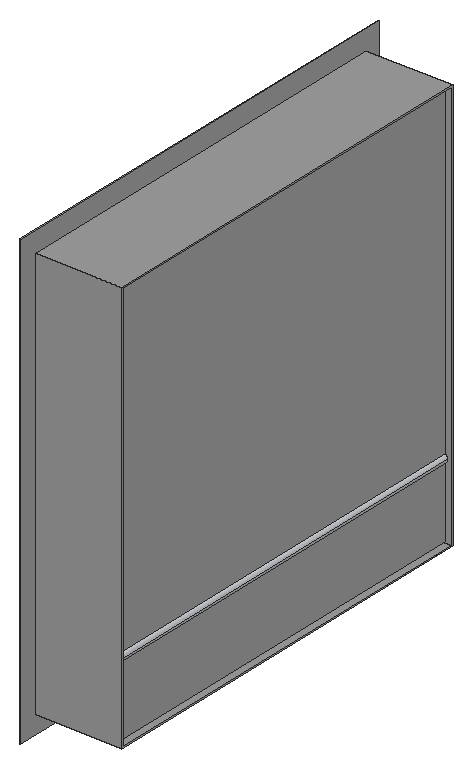
Revit family "BIMLIB_ДымовойСтеновойКлапан_SHSD_Прямоугольный_SHUFT", category Арматура воздуховодов, Revit 2017
Family settings
  Размер круглого соединителя = Использовать диаметр
  Тип детали = Вставляется
  На основе рабочей плоскости = Нет
  Всегда вертикально = Да
  При загрузке вырезать с полостями = Нет
  Общий = Нет
Parameters (values of type "EI120, привод МВE")
  Тип УГО2 [instance] = if(Перевернуть УГО, 1 = 1, 1 = 0)  # no
  Тип УГО1 [instance] = not(Тип УГО2)  # yes
  Таблица = "SHSD-120-MBE"
  Створка открыта [instance] = no
  Смещение центра = 20 mm  # constant formula
  Площадь проходного сечения клапана [instance] = size_lookup(Таблица, "Площадь проходного сечения клапана", -1.000000 m², A, B, 1 mm)  # 0.550000 m²
  Плотность воздуха = 0.6100 kg/m³  # constant formula
  Перевернуть УГО [instance] = no
  Ошибка [instance] = if(size_lookup(Таблица, "Наименование", 0 mm, A, B) / 1 mm = 1, 1 = 0, 1 = 1)  # no
  Описание = "Предназначены для установки в стену, представляют собой прямоугольный корпус с минимальной длиной 180 мм с фланцем с одной стороны, внутри которого распологается привод"  # constant formula
  Напряжение привода 24 В [instance] = yes
  Напряжение привода 230 В [instance] = not(Напряжение привода 24 В)  # no
  Колодка [instance] = if(Клеменная колодка, 1, 0)  # 1
  Клеменная колодка [instance] = yes
  Изготовитель = "ООО «Завод ВКО» марка SHUFT"  # constant formula
  Watermark [instance] = "Модели защищены уникальным кодом"
  URL = "http://www.shuft.ru/"
  L = 170 mm  # constant formula
  BM_Скорость [instance] = 0.0 m/s
  BM_Климатическое исполнение = "УХЛ4"  # constant formula
  BM_КМС_2 [instance] = 0
  BM_КМС_1 [instance] = 0
  BL_Разработано = "support@bimlib.pro"  # constant formula
  BL_Email = "bimmodels@rusklimat.ru"
  BL_BIM library = "https://bimlib.pro/manufacturer/rusklimat/2296/"
  B [instance] = 800 mm
  ADSK_Расход воздуха [instance] = 0.0 L/s
  ADSK_Примечание [instance] = ""
  ADSK_Предел огнестойкости = "EI120"  # constant formula
  ADSK_Потеря давления воздуха [instance] = (BM_КМС_1 + BM_КМС_2) * ((BM_Скорость * BM_Скорость) / (2 * Плотность воздуха)) * 1.00 kg * 1.00 kg / 1.00 m³ / 1.00 m³  # 0.0 Pa
  ADSK_Позиция [instance] = ""
  ADSK_Обозначение = "ТУ 4854-032-21059055-2014"  # constant formula
  ADSK_Напряжение [instance] = if(Напряжение привода 24 В, 24 V, 230 V)  # 24 V
  ADSK_Наименование краткое [instance] = ADSK_Марка  # "SHSD(120)-MBE(24)-800х800-к"
  ADSK_Наименование [instance] = size_lookup(Таблица, "", "Нет такого размера в каталоге", A, B, 1 mm, ADSK_Напряжение, Колодка)  # "Прямоугольный дымовой нормально-закрытый клапан стенового  типа SHUFT SHSD 800х800 мм, с пределом огнестойкости EI 120, с  электромеханическим реверсивным приводом МВE 24 В, с клеменной колодкой"
  ADSK_Материал = BIMLIB_Сталь_SHUFT
  ADSK_Масса_Текст = ""
  ADSK_Масса [instance] = A * B * 103 / 1000 mm / 1000 mm  # 65.92
  ADSK_Марка [instance] = size_lookup(Таблица, "", "Нет такого размера в каталоге", A, B, 2 mm, ADSK_Напряжение, Колодка)  # "SHSD(120)-MBE(24)-800х800-к"
  ADSK_Код изделия [instance] = size_lookup(Таблица, "", "Нет такого размера в каталоге", A, B, 2 mm, ADSK_Напряжение, Колодка)  # "SHSD(120)-MBE(24)-800х800-к"
  ADSK_Классификация нагрузок = HVAC
  ADSK_Завод-изготовитель = Изготовитель  # "ООО «Завод ВКО» марка SHUFT"
  ADSK_Единица измерения = "шт."  # constant formula
  ADSK_Версия Revit = "2017"  # constant formula
  ADSK_URL страницы изделия = "http://www.shuft.ru/"
  ADSK_URL документации изделия = "http://www.shuft.ru/"
  A [instance] = 800 mm
Types (3, lengths in mm): name | Таблица | Площадь проходного сечения клапана | B | ADSK_Наименование краткое | ADSK_Наименование | ADSK_Масса | ADSK_Марка | ADSK_Код изделия | A
  EI120, привод МВE | "SHSD-120-MBE" | 0.550000 m² | 800 | "SHSD(120)-MBE(24)-800х800-к" | "Прямоугольный дымовой нормально-закрытый клапан стенового  типа SHUFT SHSD 800х800 мм, с пределом огнестойкости EI 120, с  электромеханическим реверсивным приводом МВE 24 В, с клеменной колодкой" | 65.92 | "SHSD(120)-MBE(24)-800х800-к" | "SHSD(120)-MBE(24)-800х800-к" | 800
  EI120, привод R | "SHSD-120-R" | 0.290000 m² | 600 | "SHSD(120)-MBE(24)-600х600-к" | "Прямоугольный дымовой нормально-закрытый клапан стенового  типа SHUFT SHSD 600х600 мм, с пределом огнестойкости EI 120, с электромеханическим реверсивным приводом R 24 В, с клеменной колодкой" | 37.08 | "SHSD(120)-MBE(24)-600х600-к" | "SHSD(120)-MBE(24)-600х600-к" | 600
  EI120, привод EM | "SHSD-120-EM" | 0.290000 m² | 600 | "SHSD(120)-EM(24)-600х600-к" | "Прямоугольный дымовой нормально-закрытый клапан стенового  типа SHUFT SHSD 600х600 мм, с пределом огнестойкости EI 120, с электромагнитным приводом приводом EM 24 В, с клеменной колодкой" | 37.08 | "SHSD(120)-EM(24)-600х600-к" | "SHSD(120)-EM(24)-600х600-к" | 600
Reference planes
  plane 1 "По центру (Вперед/Назад)": y = 0
  plane 2: z = 0
  plane 3 "По центру (Влево/Вправо)": x = 0
  plane 4: x = 170
  plane 5: x = 85
  plane 6: x = 150
  plane 7: y = 400
  plane 8: y = -400
  plane 9: z = 400
  plane 10: z = -400
  plane 11: y = 435
  plane 12: y = -435
  plane 13: z = -440
  plane 14: z = 440
  plane 15: y = 402
  plane 16: y = -402
  plane 17: x = -2
  plane 18: z = -402
  plane 19 "Верх": z = 402
  plane 20 "Привод": z = -250
Forms (mm)
  Revolve 1, solid, material "BIMLIB_ОшибкаКрасный_SHUFT", visible <- "Ошибка", detail levels medium+fine
    sketch origin (0, 0, 0) x (1, 0, 0) y (0, 1, 0)
      loop
        arc (85, 750) -> (-665, 0) -> (85, -750) r 750
        line (85, -750) -> (85, 750)
      axis (85, 750) -> (85, -750)
    angle from 0 to 360
  Extrusion 2, solid, material "BIMLIB_Сталь_SHUFT" <- "ADSK_Материал", detail levels medium+fine
    sketch origin (0, 0, 0) x (0, 1, 0) y (0, 0, 1)
      loop
        line (-400, 400) -> (-400, -400) -> (400, -400) -> (400, 400) -> (-400, 400)
      loop
        line (-402, 402) -> (-402, -402) -> (402, -402) -> (402, 402) -> (-402, 402)
    from 0 to 170
  Extrusion 3, solid, material "BIMLIB_Сталь_SHUFT" <- "ADSK_Материал", detail levels fine
    sketch origin (0, 0, 0) x (0, 1, 0) y (0, 0, 1)
      loop
        line (435, -440) -> (435, 440) -> (-435, 440) -> (-435, -440) -> (435, -440)
      loop
        line (400, -400) -> (400, 400) -> (-400, 400) -> (-400, -400) -> (400, -400)
    from 0 to -2
Dimensions and locks
  equal spacing: plane 3 "По центру (Влево/Вправо)", plane 5, plane 4
  "L": plane 3 "По центру (Влево/Вправо)" to plane 4
  equal spacing: plane 8, plane 1 "По центру (Вперед/Назад)", plane 7
  "A": plane 8 to plane 7
  equal spacing: plane 9, level, plane 10
  "B": plane 9 to plane 10
  locked: plane 8 to plane 12 at 35
  locked: plane 7 to plane 11 at 35
  locked: plane 14 to plane 9 at 40
  locked: plane 10 to plane 13 at 40
  locked: plane 7 to plane 15 at 2
  locked: plane 8 to plane 16 at 2
  plane 17 to plane 3 "По центру (Влево/Вправо)" = 2 mm
  locked: plane 10 to plane 18 at 2
  locked: plane 19 "Верх" to plane 9 at 2
  locked: plane 17 to plane 3 "По центру (Влево/Вправо)" at 2
  locked: plane 20 "Привод" to plane 10 at 150
  "Смещение центра": plane 6 to plane 4
  aligned and locked: level to plane 2
  aligned and locked: Revolve 1 sketch curve to plane 5
  aligned and locked: Extrusion 2 sketch curve to plane 9
  aligned and locked: Extrusion 2 sketch curve to plane 8
  aligned and locked: Extrusion 2 sketch curve to plane 16
  aligned and locked: Extrusion 2 sketch curve to plane 19 "Верх"
  aligned and locked: Extrusion 2 sketch curve to plane 7
  aligned and locked: Extrusion 2 sketch curve to plane 10
  aligned and locked: Extrusion 2 sketch curve to plane 18
  aligned and locked: Extrusion 2 sketch curve to plane 15
  aligned and locked: Extrusion 2 to plane 4
  aligned and locked: Extrusion 3 sketch curve to plane 13
  aligned and locked: Extrusion 3 sketch curve to plane 12
  aligned and locked: Extrusion 3 sketch curve to plane 10
  aligned and locked: Extrusion 3 sketch curve to plane 8
  aligned and locked: Extrusion 3 sketch curve to plane 9
  aligned and locked: Extrusion 3 sketch curve to plane 7
  aligned and locked: Extrusion 3 sketch curve to plane 14
  aligned and locked: Extrusion 3 sketch curve to plane 11
  aligned and locked: plane 17 to Extrusion 3
  aligned and locked: plane 1 "По центру (Вперед/Назад)" to nested 1
  aligned and locked: plane 6 to nested 1
  aligned and locked: plane 1 "По центру (Вперед/Назад)" to nested 3
  aligned and locked: plane 5 to nested 3
  aligned and locked: plane 5 to nested 4
  aligned and locked: plane 1 "По центру (Вперед/Назад)" to nested 4
  aligned and locked: nested 5 to plane 5
  aligned and locked: plane 1 "По центру (Вперед/Назад)" to nested 5
  aligned and locked: nested 5 to plane 2
  aligned and locked: plane 6 to nested 2
  aligned and locked: nested 2 to plane 8
Automatic sketch dimensions
  Revolve 1 sketch curve to plane 1 "По центру (Вперед/Назад)" = 993.019 mm
  plane 1 "По центру (Вперед/Назад)" to Revolve 1 sketch curve = 0 mm
  Revolve 1 sketch curve to plane 5 = 0 mm
  Revolve 1 sketch curve to Revolve 1 sketch curve = 566.634 mm
  radius of Revolve 1 sketch curve = 750 mm
Nested families
  nested 1: "BIMLIB_Кассета_SHUFT" at (155, 0, 0), Материал <- "ADSK_Материал", Высота <- "B", Ширина <- "A", Открыт <- "Створка открыта", type "BIMLIB_Привод_SHUFT"
    with Ширина 800 mm, Открыт no, Материал BIMLIB_Сталь_SHUFT, Закрыт yes, Высота 800 mm
  nested 2: "BIMLIB_Привод_SHUFT" at (150, -400, -126.974), type "BIMLIB_Привод_SHUFT", detail levels fine
  nested 3: "BIMLIB_УГО_3D_SHUFT" at (85, 0, 0), L <- "L", b <- "A", visible <- "Тип УГО1", type "BIMLIB_УГО_3D_SHUFT", detail levels coarse
    with Материал_УГО BIMLIB_УГО_Черный_SHUFT, b 800 mm, L 170 mm
  nested 4: "BIMLIB_УГО_ЭлементУзла_SHUFT" at (85, 0, 0), L <- "L", B <- "A", A <- "A", type "BIMLIB_УГО_ЭлементУзла_SHUFT", detail levels coarse
    with L 170 mm, B 800 mm, A 800 mm
  nested 5: "BIMLIB_УГО_3D_SHUFT" at (85, 0.5, 0) x (1, 0, 0) z (0, -1, 0), L <- "L", b <- "B", visible <- "Тип УГО2", type "BIMLIB_УГО_3D_SHUFT", detail levels coarse
    with Материал_УГО BIMLIB_УГО_Черный_SHUFT, b 800 mm, L 170 mm
Connectors
  electrical at (85, -402, 0), driven by "ADSK_Классификация нагрузок", driven by "ADSK_Напряжение"
    settings: on Extrusion 2, index 1, voltage 24 V, apparent load 0 VA, apparent load phase1 0 VA, apparent load phase2 0 VA, apparent load phase3 0 VA, power factor 1, load classification "HVAC", number of poles 1, system type 30, power factor state 1, is connector primary yes, connector utility no, sub classification motor no, connector description ""
Definition of nested family "BIMLIB_Кассета_SHUFT"
  Parameters (values of type "BIMLIB_Привод_BalluMachine")
    Ширина [instance] = 671.683 mm
    Толщина = 10 mm
    Открыт [instance] = yes
    Материал [instance] = none
    Закрыт [instance] = not(Открыт)  # no
    Высота [instance] = 361.34 mm
  Reference planes
    plane 1 "По центру (Вперед/Назад)": y = 0
    plane 2: z = 0
    plane 3 "По центру (Влево/Вправо)": x = 0
    plane 4: x = -5
    plane 5: x = 5
    plane 6: y = 335.841
    plane 7: y = -335.841
    plane 8: y = 330.841
    plane 9: y = -330.841
    plane 10: z = 180.67
    plane 11: z = -180.67
    plane 12: z = 175.67
    plane 13: z = -175.67
    plane 14: x = -150
    plane 15: x = 211.34
    plane 16: x = -145
    plane 17: x = 206.34
    plane 18: z = -30.67
    plane 19: z = -35.67
    plane 20: z = -25.67
  Forms (mm)
    Extrusion 1, solid, material <- "Материал", visible <- "Закрыт", detail levels medium+fine
      sketch origin (0, 0, 0) x (1, 0, 0) y (0, 1, 0)
        loop
          line (5, 330.841) -> (-5, 330.841) -> (-5, -330.841) -> (5, -330.841) -> (5, 330.841)
      from -175.67 to 175.67
    Extrusion 2, solid, detail levels medium+fine
      sketch origin (0, 0, 0) x (1, 0, 0) y (0, 0, 1)
        loop
          circle (0, -30.67) r 10
      from -330.841 to 330.841
    Extrusion 3, solid, material <- "Материал", visible <- "Открыт", detail levels medium+fine
      sketch origin (0, 0, 0) x (1, 0, 0) y (0, 0, 1)
        loop
          line (206.34, -35.67) -> (206.34, -25.67) -> (-145, -25.67) -> (-145, -35.67) -> (206.34, -35.67)
      from -330.841 to 330.841
  Dimensions and locks
    equal spacing: plane 4, plane 3 "По центру (Влево/Вправо)", plane 5
    "Толщина": plane 4 to plane 5
    equal spacing: plane 6, plane 1 "По центру (Вперед/Назад)", plane 7
    "Ширина": plane 6 to plane 7
    locked: plane 7 to plane 9 at 5
    locked: plane 6 to plane 8 at 5
    equal spacing: plane 10, level, plane 11
    "Высота": plane 10 to plane 11
    locked: plane 13 to plane 11 at 5
    locked: plane 10 to plane 12 at 5
    "Высота": plane 14 to plane 15
    locked: plane 17 to plane 15 at 5
    locked: plane 14 to plane 16 at 5
    locked: plane 18 to plane 11 at 150
    locked: plane 14 to plane 3 "По центру (Влево/Вправо)" at 150
    equal spacing: plane 20, plane 18, plane 19
    "Толщина": plane 20 to plane 19
    aligned and locked: level to plane 2
    aligned and locked: Extrusion 1 sketch curve to plane 5
    aligned and locked: Extrusion 1 sketch curve to plane 4
    aligned and locked: Extrusion 1 sketch curve to plane 8
    aligned and locked: Extrusion 1 sketch curve to plane 9
    aligned and locked: plane 13 to Extrusion 1
    aligned and locked: plane 12 to Extrusion 1
    aligned and locked: plane 8 to Extrusion 2
    aligned and locked: plane 9 to Extrusion 2
    aligned and locked: Extrusion 3 sketch curve to plane 19
    aligned and locked: Extrusion 3 sketch curve to plane 20
    aligned and locked: Extrusion 3 sketch curve to plane 16
    aligned and locked: Extrusion 3 sketch curve to plane 17
    aligned and locked: plane 8 to Extrusion 3
    aligned and locked: plane 9 to Extrusion 3
  Automatic sketch dimensions
    Extrusion 2 sketch curve to plane 3 "По центру (Влево/Вправо)" = 0 mm
    Extrusion 2 sketch curve to plane 18 = 0 mm
    radius of Extrusion 2 sketch curve = 10 mm
Definition of nested family "BIMLIB_Привод_SHUFT"
  Parameters (values of type "BIMLIB_Привод_BalluMachine")
    Default Elevation = 1219.2 mm
  Reference planes
    plane 1 "По центру (Вперед/Назад)": y = 0
    plane 2: z = 0
    plane 3 "По центру (Влево/Вправо)": x = 0
  Forms (mm)
    Extrusion 1, solid, detail levels fine
      sketch origin (0, 0, 0) x (1, 0, 0) y (0, 0, 1)
        loop
          arc (-133, 32.673) -> (-132.09, 29.797) -> (-129.692, 27.968) r 5
          arc (-129.692, 27.968) -> (-84, 20) -> (-38.308, 27.968) r 135
          arc (-38.308, 27.968) -> (-35.91, 29.797) -> (-35, 32.673) r 5
          line (-35, 32.673) -> (-35, 163.327)
          arc (-35, 163.327) -> (-35.91, 166.203) -> (-38.308, 168.032) r 5
          arc (-38.308, 168.032) -> (-84, 176) -> (-129.692, 168.032) r 135
          arc (-129.692, 168.032) -> (-132.09, 166.203) -> (-133, 163.327) r 5
          line (-133, 163.327) -> (-133, 32.673)
      from -60 to 0
  Dimensions and locks
    aligned and locked: level to plane 2
Definition of nested family "BIMLIB_УГО_3D_SHUFT"
  Parameters (values of type "BIMLIB_УГО_3D_BalluMachine")
    Default Elevation = 1219.2 mm
    Материал_УГО [instance] = none
    b [instance] = 200 mm
    L [instance] = 520 mm
  Reference planes
    plane 1 "По центру (Вперед/Назад)": y = 0
    plane 2: z = 0
    plane 3 "По центру (Влево/Вправо)": x = 0
    plane 4: y = 100
    plane 5: x = 260
    plane 6: x = -260
    plane 7: y = -100
  Forms (mm)
    Extrusion 1, solid
      sketch origin (0, 0, 0) x (1, 0, 0) y (0, 1, 0)
        loop
          line (-260, 100) -> (-260, -100) -> (260, 100) -> (-260, 100)
      from 0 to 0.5
    Extrusion 2, solid
      sketch origin (0, 0, 0) x (1, 0, 0) y (0, 1, 0)
        loop
          line (260, 100) -> (-260, -100) -> (260, -100) -> (260, 100)
      from 0 to 0.5
  Dimensions and locks
    equal spacing: plane 4, plane 1 "По центру (Вперед/Назад)", plane 7
    "b": plane 4 to plane 7
    equal spacing: plane 6, plane 3 "По центру (Влево/Вправо)", plane 5
    "L": plane 6 to plane 5
    aligned and locked: level to plane 2
    aligned and locked: Extrusion 1 sketch curve to plane 4
    aligned and locked: Extrusion 1 to plane 6
    aligned and locked: Extrusion 2 sketch curve to plane 5
    aligned and locked: Extrusion 2 sketch curve to plane 7
  Automatic sketch dimensions
    Extrusion 1 sketch curve to plane 6 = 0 mm
    Extrusion 1 sketch curve to plane 5 = 0 mm
    Extrusion 1 sketch curve to plane 7 = 0 mm
    Extrusion 2 sketch curve to plane 6 = 0 mm
    Extrusion 2 sketch curve to plane 4 = 0 mm
Definition of nested family "BIMLIB_УГО_ЭлементУзла_SHUFT"
  Parameters (values of type "BIMLIB_УГО_ЭлементУзла_BalluMachine")
    B [instance] = 480 mm
    L [instance] = 100 mm
    A [instance] = 425.803 mm
  Reference planes
    plane 1 "По центру (Вперед/Назад)": y = 0
    plane 2: z = 0
    plane 3 "По центру (Влево/Вправо)": x = 0
    plane 4: x = 50
    plane 5: x = -50
    plane 6: y = 240
    plane 7: y = -240
    plane 8: z = 212.901
    plane 9: z = -212.901
  Dimensions and locks
    equal spacing: plane 6, plane 1 "По центру (Вперед/Назад)", plane 7
    "B": plane 6 to plane 7
    equal spacing: plane 5, plane 3 "По центру (Влево/Вправо)", plane 4
    "L": plane 5 to plane 4
    equal spacing: plane 8, level, plane 9
    "A": plane 8 to plane 9
    aligned and locked: level to plane 2
    aligned and locked: plane 3 "По центру (Влево/Вправо)" to nested 1
    aligned and locked: plane 4 to nested 1
    aligned and locked: plane 5 to nested 1
    aligned and locked: plane 6 to nested 1
    aligned and locked: nested 1 to plane 7
    aligned and locked: plane 4 to nested 2
    aligned and locked: plane 8 to nested 2
    aligned and locked: plane 9 to nested 2
    aligned and locked: plane 3 "По центру (Влево/Вправо)" to nested 2
    aligned and locked: plane 5 to nested 2
  Nested families
    nested 1: "Клапан противопожарный" at (0, 0, 0), type "Клапан противопожарный"
      with B 480 mm, A2 50 mm, A1 50 mm
    nested 2: "Клапан противопожарный" at (0, 0, 0) x (1, 0, 0) z (0, -1, 0), type "Клапан противопожарный"
      with B 425.803 mm, A2 50 mm, A1 50 mm
  Definition of nested family "Клапан противопожарный"
    Parameters (values of type "Клапан противопожарный")
      B [instance] = 1500 mm
      A2 [instance] = 220 mm
      A1 [instance] = 220 mm
    Reference planes
      plane 1 "По центру (Вперед/Назад)": y = 0
      plane 2: z = 0
      plane 3 "По центру (Влево/Вправо)": x = 0
      plane 4: y = 750
      plane 5: x = 220
      plane 6: x = -220
      plane 7: y = -750
    Lines and regions (mm)
      Filled region 1, type "Сплошная заливка - Черный", in view "Опорный уровень"
        outline origin (0, 0, 0) x (1, 0, 0) y (0, 1, 0)
          loop
            line (220, -750) -> (220, 750) -> (-220, -750) -> (220, -750)
      Filled region 2, type "Сплошная заливка - белый", in view "Опорный уровень"
        outline origin (0, 0, 0) x (1, 0, 0) y (0, 1, 0)
          loop
            line (-220, 750) -> (-220, -750) -> (220, 750) -> (-220, 750)
    Dimensions and locks
      "A2": plane 3 "По центру (Влево/Вправо)" to plane 5
      "A1": plane 6 to plane 3 "По центру (Влево/Вправо)"
      equal spacing: plane 4, plane 1 "По центру (Вперед/Назад)", plane 7
      "B": plane 4 to plane 7
      aligned and locked: plane 7 to Filled region 1
      aligned and locked: plane 5 to Filled region 1
      aligned and locked: Filled region 2 sketch curve to plane 4
      aligned and locked: Filled region 2 sketch curve to plane 6
    Automatic sketch dimensions
      Filled region 1 sketch curve to plane 6 = 0 mm
      Filled region 1 sketch curve to plane 5 = 0 mm
      plane 7 to Filled region 1 sketch curve = 0 mm
      Filled region 1 sketch curve to plane 4 = 0 mm
      Filled region 2 sketch curve to plane 5 = 0 mm
      plane 7 to Filled region 2 sketch curve = 0 mm
